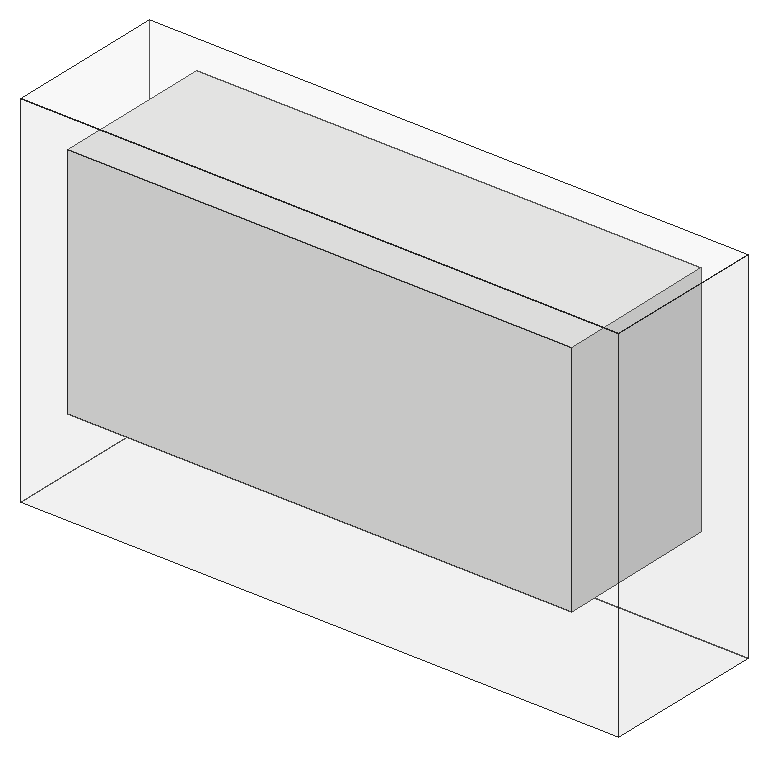
Revit family "vl-08_12(e)s(r)(h)3_50Hz", category 機械設備, Revit 2019
Family settings
  丸型コネクタ寸法 = 直径を使用
  パーツ タイプ = 標準
  OmniClass 番号 = 23.75.35.17.27
  OmniClass タイトル = Centrifugal Fans
  作業面ベース = いいえ
  常に垂直 = はい
  ロード時にボイドで切り取り = いいえ
  共有 = いいえ
  部屋計算ポイント = いいえ
Parameters (values of type "VL-08ES3")
  騒音レベル(dB(A)) [instance] = 32.5
  風量 [instance] = 42.5 m³/h
  電源種別 [instance] = ""
  電圧 = 100 V
  電動機出力 = 0 W
  電動機_種別 [instance] = ""
  運転質量 = 0.00 kg
  連動 [instance] = ""
  質量 = if(製品質量 > 運転質量, 製品質量, 運転質量) * 1.2  # 6.00 kg
  負荷分類 = 3_ファン類
  説明 = "換気空清機ロスナイ 準寒冷･温暖地仕様 壁掛1パイプ取付タイプ"
  設計風量 [instance] = 0.0 m³/h
  設置方法 = "壁付"
  記号 [instance] = ""
  製造元 = "三菱電機株式会社"
  製品質量 = 5.00 kg
  製品出荷対象 = "国内"
  製品リリース年月 = "2019年5月16日"
  製品グループ = ""
  系統 [instance] = ""
  符号 [instance] = ""
  積算_科目 = "2 換気設備"
  積算_拾い区分 [instance] = ""
  相 = 1
  盤記号 [instance] = ""
  発停方法 [instance] = ""
  特殊仕様 [instance] = ""
  温度交換効率 = 68.00%
  メンテナンススペース = yes
  火災停止 [instance] = ""
  消費電力 = 18.5 W
  法定耐用年数 = "15"
  機外静圧 [instance] = 0.0 Pa
  極数 = 2
  材質 [instance] = ""
  操作・制御方式 = ""
  操作・制御スイッチ = ""
  排気量 [instance] = 0.0 m³/h
  形式 = ""
  幹線記号 [instance] = ""
  対象室 [instance] = ""
  実風量 [instance] = 0.0 m³/h
  始動方式 [instance] = "直入"
  外気量 [instance] = 0.0 m³/h
  呼称 = ""
  周波数 = 50 Hz
  参照している仕様書等のバージョン = ""
  分類コード = "50052504100030"
  分類グループ = ""
  価格 = 43900
  企業コード = "108420"
  付属品_防振装置 = ""
  付属品 [instance] = ""
  仕様書バージョン = "Version1.0"
  モデル = "VL-08ES3"
  マテリアル = 合成樹脂(白)
  ファンの種類 = ""
  ダクト径 = 100 mm
  コメント [instance] = ""
  Keynote = ""
  Width = 522 mm
  W2 = if(Width / 2 < Depth, Width / 2, Depth)  # 168 mm
  W1 = 57 mm
  Version = ""
  Uniclass2015Version = "Systems v1.9"
  Uniclass2015Title = "Twin centrifugal fans"
  Uniclass2015Code = "Pr_65_67_29_89"
  URL = "https://www.mitsubishielectric.co.jp/ldg/wink/ssl/displayProduct.do?pid=300957"
  SpecificationReference = ""
  SpecificationDescription = ""
  SAサイズ_D = 114 mm
  Revision = ""
  ProductInformation = ""
  OmniClassCode = "23-33 31 19 13 13"
  MIN風量 = 27.0 m³/h
  MIN静圧 = 0.0 Pa
  MID風量 = 0.0 m³/h
  MID静圧 = 0.0 Pa
  MAX風量 = 42.5 m³/h
  MAX静圧 = 0.0 Pa
  IfcTypeProduct = ""
  IfcProduct = ""
  IfcExportType = "CENTRIFUGALBACKWARDINCLINEDCURVED"
  IfcExportAs = "IfcFanType"
  Height = 245 mm
  H1 = 40.5 mm
  EAサイズ_D = 114 mm
  Depth = 168 mm
  D1 = 28 mm
  Clearance Top = 30 mm
  Clearance Right = 49 mm
  Clearance Left = 49 mm
  Clearance Front = 0 mm
  Clearance Bottom = 100 mm
  Clearance Back = 0 mm
  Author = "三菱電機株式会社"
Types (8, lengths in mm): name | 騒音レベル(dB(A)) | 風量 | 温度交換効率 | 消費電力 | 価格 | モデル | URL | MIN風量 | MAX風量
  VL-12ESH3 | 30 | 37.5 m³/h | 70.00% | 14.5 W | 54600 | "VL-12ESH3" | "https://www.mitsubishielectric.co.jp/ldg/wink/ssl/displayProduct.do?pid=300987" | 0.0 m³/h | 37.5 m³/h
  VL-12SRH3 | 30 | 37.5 m³/h | 70.00% | 15 W | 66600 | "VL-12SRH3" | "https://www.mitsubishielectric.co.jp/ldg/wink/ssl/displayProduct.do?pid=300997" | 0.0 m³/h | 37.5 m³/h
  VL-10S3 | 36.5 | 46.0 m³/h | 62.00% | 19 W | 39400 | "VL-10S3" | "https://www.mitsubishielectric.co.jp/ldg/wink/ssl/displayProduct.do?pid=300974" | 28.5 m³/h | 46.0 m³/h
  VL-10ES3 | 37 | 50.0 m³/h | 67.00% | 19.5 W | 43900 | "VL-10ES3" | "https://www.mitsubishielectric.co.jp/ldg/wink/ssl/displayProduct.do?pid=300971" | 33.0 m³/h | 50.0 m³/h
  VL-10SR3 | 37 | 50.0 m³/h | 67.00% | 20.5 W | 55900 | "VL-10SR3" | "https://www.mitsubishielectric.co.jp/ldg/wink/ssl/displayProduct.do?pid=300977" | 33.0 m³/h | 50.0 m³/h
  VL-08S3 | 32 | 38.0 m³/h | 65.00% | 18.5 W | 39400 | "VL-08S3" | "https://www.mitsubishielectric.co.jp/ldg/wink/ssl/displayProduct.do?pid=300965" | 23.0 m³/h | 38.0 m³/h
  VL-08ES3 | 32.5 | 42.5 m³/h | 68.00% | 18.5 W | 43900 | "VL-08ES3" | "https://www.mitsubishielectric.co.jp/ldg/wink/ssl/displayProduct.do?pid=300957" | 27.0 m³/h | 42.5 m³/h
  VL-08SR3 | 32.5 | 42.5 m³/h | 68.00% | 19.5 W | 55900 | "VL-08SR3" | "https://www.mitsubishielectric.co.jp/ldg/wink/ssl/displayProduct.do?pid=300966" | 27.0 m³/h | 42.5 m³/h
Reference planes
  plane 1 "中心(正面/背面)": y = 0
  plane 2: z = 0
  plane 3 "中心(左/右)": x = 0
  plane 4: x = 310
  plane 5: y = 0
  plane 6: y = -168
  plane 7: x = -261
  plane 8: x = 261
  plane 9: y = -168
  plane 10: z = 152.5
  plane 11: z = -122.5
  plane 12: x = -310
  plane 13: z = -222.5
  plane 14: y = -84
  plane 15: z = 122.5
  plane 16: y = 28
  plane 17: z = -40.5
  plane 18: x = -130.5
  plane 19: x = 130.5
  plane 20: through (4267.2, -27.218, -39.548) normal (0, 0.0349, 0.9994)
Forms (mm)
  Extrusion 1, solid, material "合成樹脂(白)" <- "マテリアル", detail levels fine
    sketch origin (0, 0, 0) x (1, 0, 0) y (0, 1, 0)
      loop
        line (-261, 0) -> (-261, -168) -> (261, -168) -> (261, 0) -> (-261, 0)
    from -122.5 to 122.5
  Revolve 2, solid, material "合成樹脂(白)" <- "マテリアル", detail levels fine
    sketch origin (0, 0, 0) x (0, 1, 0) y (0, 0, 1)
      loop
        line (-4.86, -40.33) -> (-6.849, -97.296) -> (28, -98.513) -> (29.989, -41.547) -> (-4.86, -40.33)
      axis (-4.86, -40.33) -> (29.989, -41.547)
    angle from 0 to 360
Cuts and joins
  joined: Extrusion 1, Revolve 2
Lines and regions (mm)
  Masking region 1, detail levels coarse+medium
    outline origin (2279.921, -68.194, 0) x (1, 0, 0) y (0, 1, 0)
      loop
        line (-2540.921, 68.194) -> (-2540.921, -99.806) -> (-2018.921, -99.806) -> (-2018.921, 68.194) -> (-2540.921, 68.194)
  symbolic lines, detail levels coarse+medium
    curve 1: circle (130.5, -84, 0) r 84 normal (0, 0, 1)
    curve 2: circle (-130.5, -84, 0) r 84 normal (0, 0, 1)
Dimensions and locks
  equal spacing: plane 7, plane 3 "中心(左/右)", plane 8
  "Width": plane 7 to plane 8
  "Clearance Left": plane 12 to plane 7
  "Depth": plane 1 "中心(正面/背面)" to plane 9
  "Clearance Front": plane 9 to plane 6
  "Clearance Back": plane 5 to plane 1 "中心(正面/背面)"
  "Clearance Right": plane 8 to plane 4
  "Clearance Bottom": plane 11 to plane 13
  equal spacing: plane 1 "中心(正面/背面)", plane 14, plane 9
  "Height": plane 15 to plane 11
  "Clearance Top": plane 10 to plane 15
  equal spacing: plane 15, level, plane 11
  "D1": plane 16 to plane 1 "中心(正面/背面)"
  "H1": level to plane 17
  "W1": Revolve 2 sketch curve to Revolve 2 sketch curve
  equal spacing: plane 7, plane 18, plane 3 "中心(左/右)"
  equal spacing: plane 3 "中心(左/右)", plane 19, plane 8
  "W2": diameter of curve 2
  "W2": diameter of curve 1
  aligned and locked: level to plane 2
  aligned and locked: plane 8 to Extrusion 1
  aligned and locked: Extrusion 1 to plane 9
  aligned and locked: Extrusion 1 to plane 7
  aligned and locked: Extrusion 1 to plane 11
  aligned and locked: Extrusion 1 to plane 1 "中心(正面/背面)"
  aligned and locked: plane 15 to Extrusion 1
  aligned and locked: nested 1 to plane 6
  aligned and locked: nested 1 to plane 5
  aligned and locked: plane 12 to nested 1
  aligned and locked: plane 4 to nested 1
  aligned and locked: plane 13 to nested 1
  aligned and locked: plane 10 to nested 1
  aligned and locked: plane 17 to Revolve 2 sketch curve
  aligned and locked: Masking region 1 to plane 7
  aligned and locked: plane 8 to Masking region 1
  aligned and locked: Masking region 1 to plane 1 "中心(正面/背面)"
  aligned and locked: Masking region 1 to plane 9
Automatic sketch dimensions
  Extrusion 1 sketch curve to plane 3 "中心(左/右)" = 261 mm
  plane 3 "中心(左/右)" to Extrusion 1 sketch curve = 261 mm
  plane 1 "中心(正面/背面)" to Extrusion 1 sketch curve = 168 mm
  Extrusion 1 sketch curve to plane 1 "中心(正面/背面)" = 0 mm
  Masking region 1 sketch curve to plane 4 = 571 mm
  Masking region 1 sketch curve to Masking region 1 sketch curve = 522 mm
  plane 6 to Masking region 1 sketch curve = 0 mm
  plane 14 to Masking region 1 sketch curve = 84 mm
  curve 2 to plane 14 = 0 mm
  curve 2 to plane 18 = 0 mm
  curve 1 to plane 14 = 0 mm
  curve 1 to plane 19 = 0 mm
  Revolve 2 sketch curve to plane 1 "中心(正面/背面)" = 0 mm
  Revolve 2 sketch curve to plane 16 = 0 mm
  plane 16 to Revolve 2 sketch curve = 1.989 mm
  Revolve 2 sketch curve to plane 17 = 1.047 mm  (x2)
  plane 17 to Revolve 2 sketch curve = 0.17 mm
Nested families
  nested 1: "メンテナンススペース" at (0, -84, -35), visible <- "メンテナンススペース", type "メンテナンススペース"
    with Width 620 mm, Height 375 mm, Depth 168 mm
Connectors
  electrical at (0, 0, 0), driven by "極数", driven by "電圧", driven by "消費電力"
    settings: on Extrusion 1, index 1, voltage 100 V, apparent load 18.5 VA, apparent load phase1 0 VA, apparent load phase2 0 VA, apparent load phase3 0 VA, power factor 1, load classification "その他", number of poles 2, system type 30, power factor state 1, is connector primary yes, connector utility no, sub classification motor no, connector description ""
  hvac at (0, 29.989, -41.547), driven by "ダクト径"
    settings: on cut or joined group of Extrusion 1, Revolve 2, index 2, duct flow 0.0 m³/h, flow factor 0, pres drop 0.0 Pa, loss coef 0, conn angle 0.00°, conn width 304.8 mm, conn height 304.8 mm, conn diameter 100 mm, duct sys type 1, conn prof type 0, flow config 0, flow direction 0, loss method 0, conn ref index -1, conn util no, is conn primary yes, conn desc ""
Definition of nested family "メンテナンススペース"
  Parameters (values of type "メンテナンススペース")
    Width [instance] = 500 mm
    Height [instance] = 500 mm
    Depth [instance] = 500 mm
  Reference planes
    plane 1 "中心(正面/背面)": y = 0
    plane 2: z = 0
    plane 3 "中心(左/右)": x = 0
    plane 4: y = -250
    plane 5: x = 250
    plane 6: y = 250
    plane 7: x = -250
    plane 8: z = 250
    plane 9: z = -250
  Forms (mm)
    Extrusion 1, solid
      sketch origin (-638.939, 0, 72.39) x (1, 0, 0) y (0, 1, 0)
        loop
          line (388.939, 250) -> (388.939, -250) -> (888.939, -250) -> (888.939, 250) -> (388.939, 250)
      from -322.39 to 177.61
  Lines and regions (mm)
    symbolic lines
      curve 1: line (-250, 0, 250) -> (250, 0, 250)
      curve 2: line (-250, 0, -250) -> (-250, 0, 250)
      curve 3: line (250, 0, -250) -> (-250, 0, -250)
      curve 4: line (250, 0, 250) -> (250, 0, -250)
      curve 5: line (0, -250, 250) -> (0, 250, 250)
      curve 6: line (0, -250, -250) -> (0, -250, 250)
      curve 7: line (0, 250, -250) -> (0, -250, -250)
      curve 8: line (0, 250, 250) -> (0, 250, -250)
      curve 9: line (-250, 250, 0) -> (250, 250, 0)
      curve 10: line (-250, -250, 0) -> (-250, 250, 0)
      curve 11: line (250, -250, 0) -> (-250, -250, 0)
      curve 12: line (250, 250, 0) -> (250, -250, 0)
  Dimensions and locks
    equal spacing: plane 7, plane 3 "中心(左/右)", plane 5
    equal spacing: plane 4, plane 1 "中心(正面/背面)", plane 6
    "Depth": plane 4 to plane 6
    "Width": plane 7 to plane 5
    equal spacing: plane 8, plane 2, plane 9
    "Height": plane 8 to plane 9
    aligned and locked: plane 9 to curve 3
    aligned and locked: plane 7 to curve 2
    aligned and locked: curve 4 to plane 5
    aligned and locked: plane 5 to Extrusion 1
    aligned and locked: Extrusion 1 to plane 7
    aligned and locked: Extrusion 1 to plane 9
    aligned and locked: plane 8 to Extrusion 1
    aligned and locked: plane 9 to curve 7
  Automatic sketch dimensions
    plane 4 to Extrusion 1 sketch curve = 0 mm
    Extrusion 1 sketch curve to plane 7 = 0 mm
    Extrusion 1 sketch curve to plane 5 = 0 mm
    plane 6 to Extrusion 1 sketch curve = 0 mm
    curve 2 to plane 8 = 0 mm
    plane 4 to curve 11 = 0 mm
    curve 11 to plane 7 = 0 mm
    curve 11 to plane 5 = 0 mm
    plane 6 to curve 10 = 0 mm
    curve 7 to plane 4 = 0 mm
    curve 7 to plane 6 = 0 mm
    curve 6 to plane 8 = 0 mm
